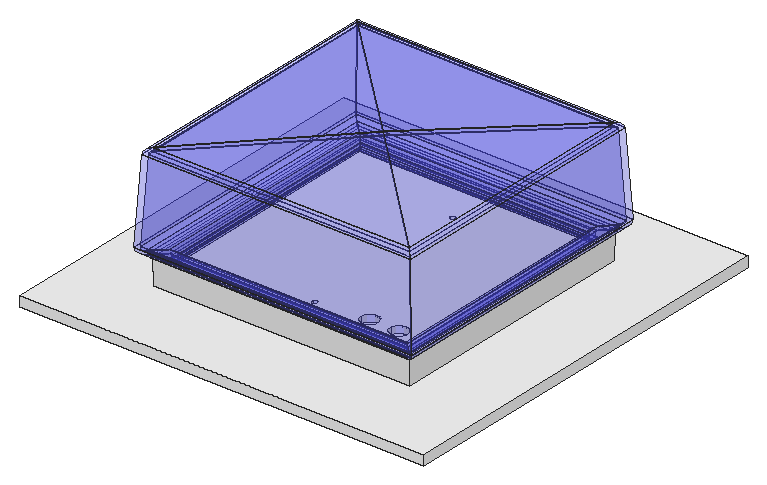
Revit family "BE_12148_de_DE", category Leuchten, Revit 2020
Family settings
  Basisbauteil = Fläche
  Bemaßung runder Anschluss = Durchmesser verwenden
  Teiletyp = Normal
  Beim Laden mit Abzugskörper schneiden = Ja
  Lichtquelle = Ja
  Gemeinsam genutzt = Nein
  Raumberechnungspunkt = Ja
Parameters (values of type "BEGA_12148_K3")
  built-in parameter 1150104 = 11.669 (stored number, unit not read)
  Wattage = 16.8 W
  Default Elevation = 0 mm
  built-in parameter 1150113 = 1 (stored number, unit not read)
  built-in parameter 1114218 = 1 (stored number, unit not read)
  Umgebungstemperatur = "25 °C"
  URL = "http://www.bega.de/de/produkt/12148"
  Typenkommentare = "© 2022 BEGA. Wir behalten uns das Recht vor, technische Änderungen ohne vorherige Ankündigung vorzunehmen."  # constant formula
  built-in parameter 1150134 = 12
  built-in parameter 1150109 = 1 (stored number, unit not read)
  Strom = ""
  built-in parameter 1150110 = 1 (stored number, unit not read)
  Spannung = 239.996 V
  Sonderanfertigung = no
  Seriennummer [instance] = "Hier können Sie die eindeutige Seriennummer für das Facility Management eintragen."
  Schutzklasse = "I"
  Schutzart = "IP 44"
  Scheinlast = 0 VA
  Produktdatenblatt = "http://www.bega.de/download/Xrfa/db/12148.db.de.pdf"
  Oberflächentemperatur = ""
  Neigungswinkel = 0.00°
  Model = "12148K4"
  Material_17 = BEGA_Reflektor
  Material_15 = BEGA_Leuchtmedium_matt
  Material_11 = BEGA_Glas_opal
  Material_09 = BEGA_Glas_klar
  Material_06 = BEGA_Oberfläche_Edelstahl_gebürstet
  Material_05 = BEGA_Oberfläche_Aluminium Guss
  Material_03 = BEGA_Oberfläche_Weiss_matt
  Material_02 = BEGA_Oberfläche_Silber_matt
  Material_01 [instance] = BEGA_Oberfläche_Grafit_matt
  M_W = no
  M_G = no
  M_A = no
  Logo = 0
  built-in parameter 1114217 = 1 (stored number, unit not read)
  built-in parameter 1150139 = (empty or 0)
  built-in parameter 1150105 = 453.71 (stored number, unit not read)
  built-in parameter 1150114 = 1 (stored number, unit not read)
  Lumens = 2110.08 lm
  built-in parameter 1150115 = 1 (stored number, unit not read)
  Leuchtenlichtstrom = "1597 lm"
  Leuchtenanzahl = ""
  Lebensdauerkriterien = "L70B50 @ 25 °C = 500000 h"
  Lastklassifizierung = Beleuchtung
  built-in parameter 1150112 = 1 (stored number, unit not read)
  Lampenlichtstrom = "2270 lm"
  Lamp = "LED 13.4 W"
  LED_Modulbezeichnung = "2x LED-0262/940"
  Hersteller = "BEGA"  # constant formula
  Halbstreuwinkel = ""
  Gewicht = "3.2 kg"
  Gebrauchslageneinschränkung [instance] = ""
  Frequenz = "0/50-60 Hz"
  Farbwiedergabeindex = "CRI > 90"
  Farbtemperaturverschiebung bei Dämpfen der Lampe = <Keine Auswahl>
  Farbtemperatur = "4000 K"
  Color Filter = 16777215
  built-in parameter 1150133 = 10 (stored number, unit not read)
  Energieeffizienzklasse = "LED A++ - A"
  built-in parameter 1150137 = (empty or 0)
  built-in parameter 1150132 = (empty or 0)
  ENEC = ""
  Dimmbar [instance] = "DALI"
  Photometric Web File = "BE_12148K4.IES"
  CE_Konformität = "ja"
  Bestellnummer = "12148K4"
  Beschreibung_Sonderanfertigung = "Hier können Sie Informationen zur Sonderanfertigung eintragen."
  Beschreibung = "Decken- und Wandleuchte"
  built-in parameter 1150106 = 4.5371 (stored number, unit not read)
  Befestigungsbohrung = "Ø 5 mm"
  Befestigungsabstand = "170 mm"
  Ballwurfsicher = ""
  BEGA_Intern_aus = yes
  BEGA_Intern_an = yes
  BEGA_Intern_Konstruktion = yes
  BEGA_Intern = yes
  BEGA_IES = yes
  BEGA_Dummy = no
  Anschlussleitung = ""
  Anschlussleistung [instance] = "15.6 W"
  Anschlusskasten = ""
  built-in parameter 1150107 = 4000 (stored number, unit not read)
  built-in parameter 1150102 = (empty or 0)
  built-in parameter 1150138 = (empty or 0)
  Aktualisierung = "2019-07-05T04:00:16"
  Abstand_zur_angestrahlten_Fläche [instance] = ""
  AC/DC = "AC/DC"
Types (2, lengths in mm): name | built-in parameter 1150104 | built-in parameter 1150134 | Model | built-in parameter 1150105 | Lumens | Leuchtenlichtstrom | Lampenlichtstrom | LED_Modulbezeichnung | Farbtemperatur | Photometric Web File | Bestellnummer | built-in parameter 1150106 | built-in parameter 1150107
  BEGA_12148_K3 | 10.894 (stored number, unit not read) | (empty or 0) | "12148K3" | 423.79 (stored number, unit not read) | 1969.97 lm | "1548 lm" | "2230 lm" | "2x LED-0262/930" | "3000 K" | "BE_12148K3.IES" | "12148K3" | 4.2379 (stored number, unit not read) | 3000 (stored number, unit not read)
  BEGA_12148_K27 | 11.669 (stored number, unit not read) | 12 | "12148K27" | 453.71 (stored number, unit not read) | 2110.08 lm | "1527 lm" | "2200 lm" | "2x LED-0262/927" | "2700 K" | "BE_12148K27.IES" | "12148K27" | 4.5371 (stored number, unit not read) | 4000 (stored number, unit not read)
Reference planes
  plane 1 "Mitte (Vorne/Hinten)": y = 0
  plane 2: z = 0
  plane 3 "Mitte (Links/Rechts)": x = 0
  plane 4 "Links": x = -137.097
  plane 5 "Rechts": x = 137.097
  plane 6 "Unten": y = -137.097
  plane 7 "Oben": y = 137.097
  plane 8 "Vorne": z = 127.705
  plane 9 "Hinten": z = 0
Forms (mm)
  Extrusion 1, solid, material "BEGA_Platte_Weiss"
    sketch origin (0, -1119.2, 0) x (1, 0, 0) y (0, 1, 0)
      loop
        line (-200, 1319.2) -> (-200, 919.2) -> (200, 919.2) -> (200, 1319.2) -> (-200, 1319.2)
    from 0 to -10
  Extrusion 2, solid, material "BEGA_Dummy_matt", visible <- "BEGA_Dummy"
    sketch origin (80.095, -76.023, 0) x (1, 0, 0) y (0, 1, 0)
      loop
        line (-217.193, 213.12) -> (-217.193, -61.074) -> (57.002, -61.074) -> (57.002, 213.12) -> (-217.193, 213.12)
    from 0 to 127.705
Dimensions and locks
  plane 1 "Mitte (Vorne/Hinten)" to Extrusion 1 = 200 mm
  aligned and locked: plane 2 to Extrusion 1
  aligned and locked: level to Extrusion 1
Nested families
  nested 1: "BE_12148" at (0, 0, 0), type "BE_12148"
Connectors
  electrical at (0, 0, 0), driven by "Lastklassifizierung", driven by "Spannung", driven by "Scheinlast"
    settings: index 1, voltage 239.996 V, apparent load 0 VA, apparent load phase1 0 VA, apparent load phase2 0 VA, apparent load phase3 0 VA, power factor 1, load classification "Beleuchtung", number of poles 1, system type 31, power factor state 1, is connector primary yes, connector utility no, sub classification motor no, connector description ""
Definition of nested family "BE_12148"
  Parameters (values of type "BE_12148")
    Default Elevation = 1 mm
    URL = "http://www.bega.de/de/produkt"
    Type Comments = "© 2015 BEGA. Wir behalten uns das Recht vor, technische Änderungen ohne vorherige Ankündigung vorzunehmen. "  # constant formula
    Type Image = (empty or 0)
    Neigungswinkel_um_Z2 = 0.00°
    Neigungswinkel_um_Z1 = 0.00°
    Neigungswinkel_um_Y2 = 0.00°
    Neigungswinkel_um_Y1 = 0.00°
    Neigungswinkel_um_X2 = 0.00°
    Neigungswinkel_um_X1 = 0.00°
    Material_17 = none
    Material_15 = none
    Material_11 = none
    Material_09 = none
    Material_06 = none
    Material_05 = none
    Material_03 = none
    Material_02 = none
    Material_01 = none
    M_W = yes
    M_G = yes
    M_A = yes
    Länge_Platte = 400 mm  # constant formula
    Höhe_Platte = -10 mm  # constant formula
    Manufacturer = "BEGA"  # constant formula
    Drehwinkel_um_Z2 = 0.00°
    Drehwinkel_um_Z1 = 0.00°
    Breite_Platte = 400 mm  # constant formula
  Reference planes
    plane 1 "Mitte (Oben/Unten)": y = 0
    plane 2: z = 0
    plane 3 "Mitte (Links/Rechts)": x = 0
    plane 4: x = -137.097
    plane 5: z = 127.705
    plane 6: x = 137.097
    plane 7: y = -137.097
    plane 8: y = 137.097
  Forms (mm)
    Extrusion 1, solid, detail levels medium
      sketch origin (0, 0, 0) x (1, 0, 0) y (0, 1, 0)
        loop
          line (-200, 200) -> (-200, -200) -> (200, -200) -> (200, 200) -> (-200, 200)
      from 0 to -10 <- "Höhe_Platte"
    Sweep 2, solid, material <- "Material_03", detail levels medium+fine
      path origin (0, 0, 0) x (1, 0, 0) y (0, 1, 0)
        loop
          line (-128.25, 128.25) -> (-128.25, -128.25) -> (128.25, -128.25) -> (128.25, 128.25) -> (-128.25, 128.25)
      profile origin (-128.25, 0, 0) x (1, 0, 0) y (0, 0, 1)
        loop
          line (3.424, 7.491) -> (128.245, 7.491) -> (128.245, 13.8) -> (4.291, 13.8) -> (3.75, 29.3) -> (0.038, 29.3) -> (0, 27.1) -> (1.25, 27.1) -> (1.679, 2.5) -> (3.25, 2.5) -> (3.424, 7.491)
    Sweep 3, solid, material <- "Material_11", detail levels medium+fine
      path origin (0, 0, 0) x (1, 0, 0) y (0, 1, 0)
        loop
          line (-90.75, 90.75) -> (-90.75, -90.75) -> (90.75, -90.75) -> (90.75, 90.75) -> (-90.75, 90.75)
      profile origin (-90.75, 0, 0) x (1, 0, 0) y (0, 0, 1)
        loop
          line (90.746, 124.205) -> (90.746, 127.705)
          arc (90.746, 127.705) -> (27.206, 126.927) -> (-36.306, 124.912) r 3265.573
          arc (-36.306, 124.912) -> (-40.277, 123.183) -> (-42.05, 119.232) r 6
          line (-42.05, 119.232) -> (-46.347, 37.391)
          arc (-46.347, 37.391) -> (-44.488, 32.264) -> (-39.514, 30.027) r 7
          line (-39.514, 30.027) -> (-27.015, 29.735)
          arc (-27.015, 29.735) -> (-26.118, 29.342) -> (-25.75, 28.435) r 1.3
          line (-25.75, 28.435) -> (-25.75, 24.703)
          arc (-25.75, 24.703) -> (-26.019, 23.912) -> (-26.714, 23.447) r 1.3
          line (-26.714, 23.447) -> (-29.5, 22.624) -> (-29.5, 17.705) -> (-26, 17.705) -> (-26, 20.019)
          arc (-26, 20.019) -> (-23.303, 21.703) -> (-22.25, 24.703) r 4.8
          line (-22.25, 24.703) -> (-22.25, 28.435)
          arc (-22.25, 28.435) -> (-23.615, 31.788) -> (-26.933, 33.234) r 4.8
          line (-26.933, 33.234) -> (-39.438, 33.526)
          arc (-39.438, 33.526) -> (-41.924, 34.645) -> (-42.852, 37.208) r 3.5
          line (-42.852, 37.208) -> (-38.563, 119.048)
          arc (-38.563, 119.048) -> (-37.818, 120.695) -> (-36.163, 121.415) r 2.5
          arc (-36.163, 121.415) -> (27.278, 123.43) -> (90.746, 124.205) r 3249.669
    Extrusion 4, void
      sketch origin (0, 0, 0) x (1, 0, 0) y (0, 1, 0)
        loop
          circle (50, -80) r 8.53
        loop
          circle (79, -80) r 8.53
        loop
          circle (0, 85) r 2.5
        loop
          circle (0, -85) r 2.5
      from 0 to 15
    Revolve 5, solid, material <- "Material_03", detail levels medium+fine
      sketch origin (0, -110, 0) x (1, 0, 0) y (0, 0, 1)
        loop
          line (-105.644, 0) -> (-104.254, 9.3)
          arc (-104.254, 9.3) -> (-103.581, 10.516) -> (-102.277, 11) r 2
          line (-102.277, 11) -> (-102.277, 12.24) -> (-110, 12.24) -> (-110, 0) -> (-105.644, 0)
        axis (-110, 0) -> (-110, 12.24)
      angle from 0 to 360
    Revolve 6, solid, material <- "Material_03", detail levels medium+fine
      sketch origin (0, -110, 0) x (-1, 0, 0) y (0, 0, -1)
        loop
          line (-105.644, 0) -> (-110, 0) -> (-110, -12.24) -> (-102.277, -12.24) -> (-102.277, -11)
          arc (-102.277, -11) -> (-103.581, -10.516) -> (-104.254, -9.3) r 2
          line (-104.254, -9.3) -> (-105.644, 0)
        axis (-110, 0) -> (-110, -12.24)
      angle from 0 to 360
    Revolve 7, solid, material <- "Material_03", detail levels medium+fine
      sketch origin (0, 110, 0) x (1, 0, 0) y (0, 0, -1)
        loop
          line (-105.644, 0) -> (-110, 0) -> (-110, -12.24) -> (-102.277, -12.24) -> (-102.277, -11)
          arc (-102.277, -11) -> (-103.581, -10.516) -> (-104.254, -9.3) r 2
          line (-104.254, -9.3) -> (-105.644, 0)
        axis (-110, 0) -> (-110, -12.24)
      angle from 0 to 360
    Revolve 8, solid, material <- "Material_03", detail levels medium+fine
      sketch origin (0, 110, 0) x (-1, 0, 0) y (0, 0, 1)
        loop
          line (-105.644, 0) -> (-104.254, 9.3)
          arc (-104.254, 9.3) -> (-103.581, 10.516) -> (-102.277, 11) r 2
          line (-102.277, 11) -> (-102.277, 12.24) -> (-110, 12.24) -> (-110, 0) -> (-105.644, 0)
        axis (-110, 0) -> (-110, 12.24)
      angle from 0 to 360
  Cuts and joins
    Extrusion 4 cuts Sweep 2
    joined: Sweep 2, Revolve 5, Revolve 6, Revolve 7, Revolve 8
    Extrusion 4 cuts Sweep 3
  Dimensions and locks
    equal spacing: Extrusion 1 sketch curve, plane 3 "Mitte (Links/Rechts)", Extrusion 1 sketch curve
    equal spacing: Extrusion 1 sketch curve, plane 1 "Mitte (Oben/Unten)", Extrusion 1 sketch curve
    "Länge_Platte": Extrusion 1 sketch curve to Extrusion 1 sketch curve
    "Breite_Platte": Extrusion 1 sketch curve to Extrusion 1 sketch curve
    aligned and locked: Extrusion 1 to plane 2
    aligned and locked: Extrusion 1 to level
  Automatic sketch dimensions
    Sweep 2 sketch curve to plane 4 = 8.847 mm
    Sweep 2 sketch curve to plane 6 = 8.847 mm
    Sweep 2 sketch curve to plane 7 = 8.847 mm
    Sweep 2 sketch curve to plane 8 = 8.847 mm
    Sweep 3 sketch curve to plane 4 = 46.347 mm
    Sweep 3 sketch curve to plane 6 = 46.347 mm
    Sweep 3 sketch curve to plane 7 = 46.347 mm
    Sweep 3 sketch curve to plane 8 = 46.347 mm
    Sweep 3 sketch curve to Sweep 3 sketch curve = 0 mm  (x25)
    profile plane to Sweep 3 sketch curve = 39.514 mm
    Sweep 3 sketch curve to Sweep 3 sketch curve = 0.157 mm
    profile plane to Sweep 3 sketch curve = 36.06 mm
    Sweep 3 sketch curve to Sweep 3 sketch curve = 0.002 mm
    Sweep 3 sketch curve to Sweep 3 sketch curve = 10.014 mm
    Sweep 3 sketch curve to Sweep 3 sketch curve = 2.45 mm  (x2)
    Sweep 3 sketch curve to Sweep 3 sketch curve = 0.035 mm
    Sweep 3 sketch curve to Sweep 3 sketch curve = 0.082 mm
    Sweep 3 sketch curve to Sweep 3 sketch curve = 0.336 mm
    Sweep 3 sketch curve to Sweep 3 sketch curve = 0.714 mm
    Sweep 3 sketch curve to profile plane = 90.746 mm
    Sweep 3 sketch curve to profile plane = 98.7 mm
    Sweep 3 sketch curve to Sweep 3 sketch curve = 0.27 mm
    Sweep 3 sketch curve to level = 3137.858 mm
    Sweep 3 sketch curve to Sweep 3 sketch curve = 12.403 mm
    level to Sweep 3 sketch curve = 17.705 mm
    Sweep 3 sketch curve to Sweep 3 sketch curve = 2.314 mm
    Sweep 3 sketch curve to Sweep 3 sketch curve = 2.605 mm
    Sweep 3 sketch curve to Sweep 3 sketch curve = 0.823 mm
    Sweep 3 sketch curve to Sweep 3 sketch curve = 1.256 mm  (x2)
    Sweep 3 sketch curve to Sweep 3 sketch curve = 3.732 mm  (x2)
    Sweep 3 sketch curve to Sweep 3 sketch curve = 1.3 mm
    Sweep 3 sketch curve to Sweep 3 sketch curve = 7.403 mm
    Sweep 3 sketch curve to Sweep 3 sketch curve = 3.499 mm  (x2)
    Sweep 3 sketch curve to Sweep 3 sketch curve = 6.998 mm
    Sweep 3 sketch curve to Sweep 3 sketch curve = 81.893 mm
    level to Sweep 3 sketch curve = 124.205 mm
    Sweep 3 sketch curve to Sweep 3 sketch curve = 3.5 mm
    Sweep 3 sketch curve to Sweep 3 sketch curve = 5.99 mm
    Sweep 3 sketch curve to Sweep 3 sketch curve = 0.008 mm
    Sweep 3 sketch curve to Sweep 3 sketch curve = 3.495 mm  (x2)
    Sweep 3 sketch curve to Sweep 3 sketch curve = 0.075 mm
    Sweep 3 sketch curve to Sweep 3 sketch curve = 2.503 mm
    Sweep 3 sketch curve to Sweep 3 sketch curve = 0.007 mm
    Extrusion 4 sketch curve to plane 3 "Mitte (Links/Rechts)" = 0 mm  (x2)
    plane 3 "Mitte (Links/Rechts)" to Extrusion 4 sketch curve = 50 mm
    Extrusion 4 sketch curve to Extrusion 4 sketch curve = 29 mm
    Extrusion 4 sketch curve to plane 7 = 52.097 mm
    Extrusion 4 sketch curve to plane 7 = 57.097 mm
    Extrusion 4 sketch curve to Extrusion 4 sketch curve = 0 mm
    Extrusion 4 sketch curve to plane 8 = 52.097 mm
    Revolve 5 sketch curve to level = 0 mm
    level to Revolve 5 sketch curve = 12.24 mm
    Revolve 5 sketch curve to plane 4 = 27.097 mm
    Revolve 5 sketch curve to Revolve 5 sketch curve = 4.356 mm
    level to Revolve 5 sketch curve = 9.3 mm
    Revolve 5 sketch curve to Revolve 5 sketch curve = 5.746 mm
    Revolve 5 sketch curve to Revolve 5 sketch curve = 1.977 mm  (x2)
    Revolve 5 sketch curve to Revolve 5 sketch curve = 0.3 mm
    Revolve 5 sketch curve to Revolve 5 sketch curve = 0 mm
    Revolve 5 sketch curve to level = 1.744 mm
    Revolve 5 sketch curve to Revolve 5 sketch curve = 0.944 mm
    Revolve 6 sketch curve to level = 0 mm
    level to Revolve 6 sketch curve = 12.24 mm
    Revolve 6 sketch curve to plane 6 = 27.097 mm
    Revolve 6 sketch curve to Revolve 6 sketch curve = 4.356 mm
    level to Revolve 6 sketch curve = 9.3 mm
    Revolve 6 sketch curve to Revolve 6 sketch curve = 5.746 mm
    Revolve 6 sketch curve to Revolve 6 sketch curve = 1.977 mm  (x2)
    Revolve 6 sketch curve to Revolve 6 sketch curve = 1.24 mm
    Revolve 6 sketch curve to Revolve 6 sketch curve = 0 mm
    Revolve 6 sketch curve to Revolve 6 sketch curve = 0.944 mm
    Revolve 6 sketch curve to level = 1.744 mm
    Revolve 7 sketch curve to level = 0 mm
    level to Revolve 7 sketch curve = 12.24 mm
    Revolve 7 sketch curve to plane 4 = 27.097 mm
    Revolve 7 sketch curve to Revolve 7 sketch curve = 4.356 mm
    level to Revolve 7 sketch curve = 9.3 mm
    Revolve 7 sketch curve to Revolve 7 sketch curve = 5.746 mm
    Revolve 7 sketch curve to Revolve 7 sketch curve = 1.977 mm  (x2)
    Revolve 7 sketch curve to Revolve 7 sketch curve = 1.24 mm
    Revolve 7 sketch curve to Revolve 7 sketch curve = 0 mm
    Revolve 7 sketch curve to Revolve 7 sketch curve = 0.944 mm
    Revolve 7 sketch curve to level = 1.744 mm
    Revolve 8 sketch curve to level = 0 mm
    level to Revolve 8 sketch curve = 12.24 mm
    Revolve 8 sketch curve to plane 6 = 27.097 mm
    Revolve 8 sketch curve to Revolve 8 sketch curve = 4.356 mm
    level to Revolve 8 sketch curve = 9.3 mm
    Revolve 8 sketch curve to Revolve 8 sketch curve = 5.746 mm
    Revolve 8 sketch curve to Revolve 8 sketch curve = 1.977 mm  (x2)
    Revolve 8 sketch curve to Revolve 8 sketch curve = 0.3 mm
    Revolve 8 sketch curve to Revolve 8 sketch curve = 0 mm
    Revolve 8 sketch curve to level = 1.744 mm
    Revolve 8 sketch curve to Revolve 8 sketch curve = 0.944 mm
    Sweep 2 sketch curve to profile plane = 0 mm
    Sweep 2 sketch curve to profile plane = 0.038 mm
    Sweep 2 sketch curve to Sweep 2 sketch curve = 1.25 mm
    Sweep 2 sketch curve to profile plane = 1.679 mm
    Sweep 2 sketch curve to Sweep 2 sketch curve = 1.571 mm
    Sweep 2 sketch curve to profile plane = 3.424 mm
    Sweep 2 sketch curve to Sweep 2 sketch curve = 2.5 mm
    Sweep 2 sketch curve to profile plane = 4.291 mm
    level to Sweep 2 sketch curve = 13.8 mm
    Sweep 2 sketch curve to Sweep 2 sketch curve = 123.954 mm
    Sweep 2 sketch curve to Sweep 2 sketch curve = 6.309 mm
    level to Sweep 2 sketch curve = 2.5 mm
    Sweep 2 sketch curve to Sweep 2 sketch curve = 13.3 mm
    Sweep 2 sketch curve to Sweep 2 sketch curve = 2.2 mm
    radius of Extrusion 4 sketch curve = 8.53 mm  (x2)
    radius of Extrusion 4 sketch curve = 2.5 mm  (x2)
